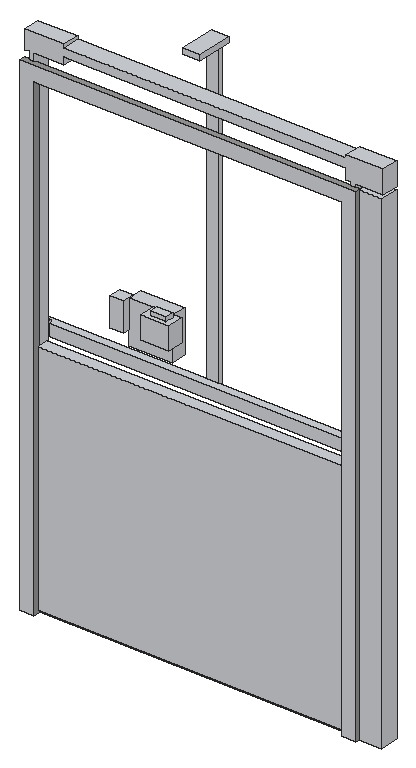
Revit family "Mark IV Vertical (Power)", category Doors, host Wall, Revit 2015
Parameters
  Width Clearance = WIC + 1' 2"  # 11' - 4"
  Width = 9' - 0"
  WIC = Width + 1' 2"  # 10' - 2"
  URL = "http://jamisondoor.com/product-families/cold-storage-doors/products/mark-iv-doors/vertical-sliding-manually-operated-door/"
  Type Comments = "Door can be 4\" or 6\" thick"
  Track Backing = 0' - 5"
  Motor Power = 460 V
  Model = "Mark IV Vertical (Manual)"
  Min Head Room = Height * 2 + 1' 7 1/2"  # 15' - 7 1/2"
  Manufacturer = "Jamison Door"
  Load Classification = Motor
  Load = 750 VA
  Height = 7' - 0"
  Frame Projection Ext. = 0' - 1"
  Frame Projection Int. = 0' - 1"
  Frame Width = 0' - 3"
  Wall Closure = By host
  Door Height Clearance = Height  # 7' - 0"
  Clearance Zone = no
  Bracket Height = Height + 10' 2"  # 17' - 2"
Reference planes (in)
  plane 1 "Center (Front/Back)": y = 0
  plane 2 "Center (Left/Right)": x = 0
  plane 3 "Left": x = -54
  plane 4 "Right": x = 54
  plane 5 "Top": z = 84
  plane 6 "Exterior": y = 3
  plane 7 "Interior": y = -3
  plane 8: z = 17.5
  plane 9: z = 0
  plane 10: x = 150
  plane 11: z = 216
  plane 12: x = -120
  plane 13: x = 61
  plane 14: x = -61
  plane 15: z = 1
  plane 16: z = 194
  plane 17: z = 174
  plane 18: z = 182
  plane 19: z = 168
  plane 20: z = 173
  plane 21: z = 179.75
  plane 22: x = 0
  plane 23: z = 195.75
  plane 24: x = 62
  plane 25: x = -62
  plane 26: y = 46.61315
Forms (in)
  Extrusion 1, solid
    sketch origin (0, 0, 0) x (1, 0, 0) y (0, 0, 1)
      loop
        line (54, 0) -> (59, 0) -> (59, 173) -> (-59, 173) -> (-59, 0) -> (-54, 0) -> (-54, 168) -> (54, 168) -> (54, 0)
    from -3.5 to -1.5
  Extrusion 2, solid
    sketch origin (0, 0, 0) x (1, 0, 0) y (0, 0, 1)
      loop
        line (54, 1) -> (54, 84) -> (-54, 84) -> (-54, 1) -> (54, 1)
    from -3 to -7
  Extrusion 3, solid
    sketch origin (0, 0, 0) x (1, 0, 0) y (0, 0, 1)
      loop
        line (54, 0) -> (54, 1) -> (-54, 1) -> (-54, 0) -> (54, 0)
    from -7 to -4
  Extrusion 4, solid
    sketch origin (0, 0, 0) x (1, 0, 0) y (0, 0, 1)
      loop
        line (57.25, 17.5) -> (57.25, 174) -> (67, 174) -> (67, 182) -> (54, 182) -> (54, 181) -> (-45, 181) -> (-45, 182) -> (-59, 182) -> (-59, 175.5) -> (-57.25, 175.5) -> (-57.25, 17.5) -> (-55.75, 17.5) -> (-55.75, 175.5) -> (-45, 175.5) -> (-45, 178) -> (54, 178) -> (54, 174) -> (55.75, 174) -> (55.75, 17.5) -> (57.25, 17.5)
    from -9.5 to -3.5
  Extrusion 5, solid
    sketch origin (0, 0, 0) x (1, 0, 0) y (0, 0, 1)
      loop
        line (59, 0) -> (67, 0) -> (67, 173) -> (59, 173) -> (59, 0)
    from -9.5 to -3
  Extrusion 6, solid
    sketch origin (0, 0, 0) x (1, 0, 0) y (0, 0, 1)
      loop
        line (57.25, 84) -> (57.25, 88) -> (-57.25, 88) -> (-57.25, 84) -> (57.25, 84)
    from -12.5 to -9.5
  Extrusion 7, solid
    sketch origin (0, 0, 0) x (1, 0, 0) y (0, 0, 1)
      loop
        line (2, 84) -> (2, 194) -> (-2, 194) -> (-2, 84) -> (2, 84)
    from -14 to -12.5
  Extrusion 8, solid
    sketch origin (0, 0, 0) x (1, 0, 0) y (0, 0, 1)
      loop
        line (57.76863, 88.6959) -> (55.26863, 88.6959) -> (55.26863, 84) -> (57.76863, 84) -> (57.76863, 88.6959)
      loop
        line (-57.76863, 88.6959) -> (-57.76863, 84) -> (-55.26863, 84) -> (-55.26863, 88.6959) -> (-57.76863, 88.6959)
    from -10.29812 to -9.5
  Extrusion 9, solid
    sketch origin (0, 0, 0) x (1, 0, 0) y (0, 0, 1)
      loop
        line (3, 195.75) -> (-3, 195.75) -> (-3, 194) -> (3, 194) -> (3, 195.75)
    from -15.863 to -3
  Extrusion 10, solid
    sketch origin (-94.56501, 35.20761, 31.79453) x (1, 0, 0) y (0, 0, 1)
      loop
        line (56.52379, 64.19785) -> (56.52379, 49.14365) -> (71.76254, 49.14365) -> (71.76254, 64.19785) -> (56.52379, 64.19785)
    from 6.59446 to 12
  Extrusion 11, solid
    sketch origin (32.75283, 244.19289, -65.0538) x (0, 1, 0) y (0, 0, -1)
      loop
        line (-218.96765, -161.04618) -> (-218.96765, -151.04618) -> (-223.28093, -151.04618) -> (-223.28093, -161.04618) -> (-218.96765, -161.04618)
    from 70.79405 to 75.52634
  Extrusion 12, solid
    sketch origin (39.66498, 244.19289, -65.1163) x (0, 1, 0) y (0, 0, -1)
      loop
        line (-223.06114, -163.17267) -> (-223.06114, -161.4456)
        arc (-223.06114, -161.4456) -> (-224.43521, -161.86078) -> (-225.81114, -161.45178) r 2.5
        line (-225.81114, -161.45178) -> (-225.81114, -163.17267) -> (-223.06114, -163.17267)
    from 60.76563 to 66.16425
  Extrusion 13, solid
    sketch origin (-94.56501, 244.19289, -65.0538) x (1, 0, 0) y (0, 1, 0)
      loop
        line (65.71436, -221.67021) -> (65.71436, -227.19289) -> (75.56574, -227.19289) -> (75.56574, -221.67021) -> (65.71436, -221.67021)
    from 153.82498 to 161.78911
  Extrusion 14, solid, not visible
    sketch origin (-374.60248, -208.98528, 78.0309) x (1, 0, 0) y (0, 0, 1)
      loop
        line (56.52379, 64.19785) -> (56.52379, 49.14365) -> (71.76254, 49.14365) -> (71.76254, 64.19785) -> (56.52379, 64.19785)
    from 6.59446 to 12
  Extrusion 15, solid, not visible
    sketch origin (-247.28465, 0, -18.81743) x (0, 1, 0) y (0, 0, -1)
      loop
        line (-218.96765, -161.04618) -> (-218.96765, -151.04618) -> (-223.28093, -151.04618) -> (-223.28093, -161.04618) -> (-218.96765, -161.04618)
    from 70.79405 to 75.52634
  Extrusion 16, solid, not visible
    sketch origin (-240.37249, 0, -18.87993) x (0, 1, 0) y (0, 0, -1)
      loop
        line (-223.06114, -163.17267) -> (-223.06114, -161.4456)
        arc (-223.06114, -161.4456) -> (-224.43521, -161.86078) -> (-225.81114, -161.45178) r 2.5
        line (-225.81114, -161.45178) -> (-225.81114, -163.17267) -> (-223.06114, -163.17267)
    from 60.76563 to 66.16425
  Extrusion 17, solid, not visible
    sketch origin (-374.60248, 0, -18.81743) x (1, 0, 0) y (0, 1, 0)
      loop
        line (65.71436, -221.67021) -> (65.71436, -227.19289) -> (75.56574, -227.19289) -> (75.56574, -221.67021) -> (65.71436, -221.67021)
    from 153.82498 to 161.78911
  Extrusion 18, solid, material "Clearance Zone", visible <- "Clearance Zone", detail levels fine
    sketch origin (0, 0, 0) x (0, 1, 0) y (0, 0, 1)
      loop
        line (46.61315, 95.99238) -> (28.61315, 95.99238) -> (28.61315, 80.93818) -> (46.61315, 80.93818) -> (46.61315, 95.99238)
    from -38.04122 to -22.80247
Lines and regions (in)
  Opening 1
    outline origin (-90, -3, 0) x (1, 0, 0) y (0, 0, 1)
      loop
        line (36, 0) -> (144, 0) -> (144, 84) -> (36, 84) -> (36, 0)
  model lines, style "Clearance Zone"
    curve 1: line (-44.04122, 46.61315, 0) -> (-28.80247, 46.61315, 0)
    curve 2: line (-44.04122, 28.61315, 0) -> (-44.04122, 46.61315, 0)
    curve 3: line (-28.80247, 28.61315, 0) -> (-44.04122, 28.61315, 0)
    curve 4: line (-28.80247, 46.61315, 0) -> (-28.80247, 28.61315, 0)
Text (in)
  text "Exterior" at (-111.00247, 29.70452, 0), in view "Ref. Level"
  text "Interior" at (-74.96733, -25.14366, 0), in view "Ref. Level"
  text "Exterior" at (0, 40.15149, 123.01588), in view "Right"
  text "Interior" at (0, -64.39139, 123.01588), in view "Right"
  text "Interior" at (0, -31.01599, 123.00693), in view "Left"
  text "Exterior" at (0, 54.57065, 123.00693), in view "Left"
Dimensions and locks (in)
  equal spacing: plane 3 "Left", plane 2 "Center (Left/Right)", plane 4 "Right"
  "Height": level to plane 5 "Top"
  "Width": plane 3 "Left" to plane 4 "Right"
  host wall to plane 5 "Top" = 7' - 0"
  locked: level to plane 8 at 17.5
  "WIC": plane 14 to plane 13
  equal spacing: plane 13, plane 2 "Center (Left/Right)", plane 14
  "Track Backing": Extrusion 1 to Extrusion 1  (x2)
  locked: level to plane 15 at 1
  locked: Extrusion 2 to Extrusion 6 sketch curve at 4
  "Door Height Clearance": plane 5 "Top" to plane 19
  locked: plane 19 to plane 20 at 5
  locked: plane 20 to plane 17 at 1
  locked: plane 17 to plane 16 at 20
  locked: Extrusion 5 sketch curve to Extrusion 1 at 8
  locked: plane 17 to plane 18 at 8
  locked: plane 17 to plane 21 at 5.75
  plane 21 to plane 16 = 1' - 2 1/4"
  locked: plane 16 to plane 23 at 1.75
  level to nested 1 = 0' - 11"
  equal spacing: plane 13, nested 1, plane 14
  plane 26 to Extrusion 10 = 1' - 6"
  locked: plane 2 "Center (Left/Right)" to Extrusion 13 at 18.99927
  locked: plane 5 "Top" to Extrusion 10 at 11.99238
  aligned and locked: plane 3 "Left" to Opening 1 sketch curve
  aligned and locked: plane 5 "Top" to Opening 1 sketch curve  (x2)
  aligned and locked: Opening 1 sketch curve to plane 4 "Right"
  aligned and locked: Opening 1 sketch curve to level
  aligned and locked: plane 6 "Exterior" to host wall
  aligned and locked: host wall to plane 7 "Interior"
  aligned and locked: host sketch curve to plane 12
  aligned and locked: host sketch curve to plane 9
  aligned and locked: host sketch curve to plane 10
  aligned and locked: host sketch curve to plane 11
  aligned and locked: plane 4 "Right" to Extrusion 2 sketch curve
  aligned and locked: Extrusion 2 sketch curve to host wall
  aligned and locked: host wall to Extrusion 2 sketch curve
  aligned and locked: Extrusion 2 to plane 15
  aligned and locked: Extrusion 3 sketch curve to host wall
  aligned and locked: host wall to Extrusion 3 sketch curve
  aligned and locked: Extrusion 3 sketch curve to Extrusion 2  (x2)
  aligned and locked: Extrusion 4 to plane 8  (x2)
  aligned and locked: Extrusion 1 to level  (x2)
  aligned and locked: Extrusion 1 to Extrusion 5 sketch curve
  aligned and locked: Extrusion 5 sketch curve to Extrusion 1
  aligned and locked: Extrusion 3 to Extrusion 2
  aligned and locked: plane 5 "Top" to Extrusion 6 sketch curve
  aligned and locked: Extrusion 6 to Extrusion 4
  aligned and locked: Extrusion 6 sketch curve to Extrusion 4
  aligned and locked: Extrusion 4 to Extrusion 6 sketch curve
  aligned and locked: Extrusion 7 to Extrusion 6
  aligned and locked: plane 5 "Top" to Extrusion 8  (x2)
  aligned and locked: Extrusion 7 sketch curve to plane 16
  aligned and locked: Extrusion 6 to Extrusion 7 sketch curve
  aligned and locked: plane 19 to Extrusion 1  (x2)
  aligned and locked: plane 20 to Extrusion 1
  aligned and locked: plane 19 to Extrusion 1 sketch curve
  aligned and locked: plane 20 to Extrusion 1 sketch curve
  aligned and locked: Extrusion 1 to plane 20
  aligned and locked: Extrusion 4 to plane 17
  aligned and locked: plane 16 to Extrusion 7
  aligned and locked: Extrusion 5 to plane 20
  aligned and locked: Extrusion 9 to plane 16
  aligned and locked: Extrusion 4 sketch curve to Extrusion 4 sketch curve
  aligned and locked: Extrusion 18 sketch curve to Extrusion 10
  aligned and locked: Extrusion 18 to Extrusion 10
  aligned and locked: curve 1 to Extrusion 18
Automatic sketch dimensions
  Extrusion 1 sketch curve to level = 0' - 0"  (x2)
  plane 3 "Left" to Extrusion 1 sketch curve = 0' - 0"
  Extrusion 1 sketch curve to plane 4 "Right" = 0' - 0"
  Extrusion 1 sketch curve to plane 13 = 0' - 2"
  Extrusion 2 sketch curve to plane 15 = 0' - 0"
  Extrusion 5 sketch curve to plane 20 = 0' - 0"
  Extrusion 7 sketch curve to plane 2 "Center (Left/Right)" = 0' - 2"
  plane 2 "Center (Left/Right)" to Extrusion 7 sketch curve = 0' - 2"
  Extrusion 8 sketch curve to plane 5 "Top" = 0' - 0"  (x2)
  plane 3 "Left" to Extrusion 8 sketch curve = 0' - 1.26863"
  Extrusion 8 sketch curve to plane 4 "Right" = 0' - 1.26863"
  Extrusion 8 sketch curve to Extrusion 8 sketch curve = 0' - 2 1/2"  (x2)
  Extrusion 8 sketch curve to plane 5 "Top" = 0' - 4.6959"  (x2)
  plane 14 to Extrusion 1 sketch curve = 0' - 2"
  plane 21 to Extrusion 9 sketch curve = 1' - 2 1/4"
  Extrusion 9 sketch curve to plane 2 "Center (Left/Right)" = 0' - 3"
  plane 2 "Center (Left/Right)" to Extrusion 9 sketch curve = 0' - 3"
  plane 16 to Extrusion 9 sketch curve = 0' - 1 3/4"
  Extrusion 4 sketch curve to plane 18 = 0' - 0"  (x2)
  Extrusion 4 sketch curve to plane 8 = 0' - 0"  (x2)
  Extrusion 4 sketch curve to plane 4 "Right" = 0' - 0"  (x2)
  Extrusion 4 sketch curve to plane 17 = 0' - 0"  (x2)
  Extrusion 4 sketch curve to plane 3 "Left" = 0' - 9"
  Extrusion 4 sketch curve to plane 17 = 0' - 1 1/2"
  Extrusion 4 sketch curve to Extrusion 4 sketch curve = 0' - 0"
  plane 3 "Left" to Extrusion 4 sketch curve = 0' - 1 3/4"
  Extrusion 4 sketch curve to Extrusion 4 sketch curve = 0' - 1 1/2"  (x2)
  plane 14 to Extrusion 4 sketch curve = 0' - 2"
  Extrusion 4 sketch curve to Extrusion 4 sketch curve = 0' - 1 3/4"
  plane 13 to Extrusion 4 sketch curve = 0' - 6"
  Extrusion 4 sketch curve to plane 21 = 0' - 1 3/4"
  Extrusion 4 sketch curve to Extrusion 4 sketch curve = 0' - 1"
  Extrusion 10 sketch curve to Extrusion 10 sketch curve = 1' - 3.23875"
  Extrusion 10 sketch curve to Extrusion 10 sketch curve = 1' - 3.0542"
  Extrusion 11 sketch curve to Extrusion 11 sketch curve = 0' - 4.31327"
  Extrusion 11 sketch curve to Extrusion 11 sketch curve = 0' - 10"
  Extrusion 12 sketch curve to Extrusion 12 sketch curve = 0' - 1.37031"
  Extrusion 12 sketch curve to Extrusion 12 sketch curve = 0' - 1.37969"
  Extrusion 12 sketch curve to Extrusion 12 sketch curve = 0' - 1.72089"
  Extrusion 12 sketch curve to Extrusion 12 sketch curve = 0' - 1.72707"
  Extrusion 13 sketch curve to Extrusion 13 sketch curve = 0' - 9.85138"
  Extrusion 13 sketch curve to Extrusion 13 sketch curve = 0' - 5.52268"
  Extrusion 14 sketch curve to Extrusion 14 sketch curve = 1' - 3.23875"
  Extrusion 14 sketch curve to Extrusion 14 sketch curve = 1' - 3.0542"
  Extrusion 15 sketch curve to Extrusion 15 sketch curve = 0' - 4.31327"
  Extrusion 15 sketch curve to Extrusion 15 sketch curve = 0' - 10"
  Extrusion 16 sketch curve to Extrusion 16 sketch curve = 0' - 1.37031"
  Extrusion 16 sketch curve to Extrusion 16 sketch curve = 0' - 1.37969"
  Extrusion 16 sketch curve to Extrusion 16 sketch curve = 0' - 1.72089"
  Extrusion 16 sketch curve to Extrusion 16 sketch curve = 0' - 1.72707"
  Extrusion 17 sketch curve to Extrusion 17 sketch curve = 0' - 9.85138"
  Extrusion 17 sketch curve to Extrusion 17 sketch curve = 0' - 5.52268"
  Extrusion 18 sketch curve to Extrusion 18 sketch curve = 1' - 6"
  curve 3 to plane 26 = 1' - 6"
  Extrusion 18 sketch curve to plane 26 = 1' - 6"
  curve 3 to plane 3 "Left" = 0' - 9.95878"
  curve 2 to curve 3 = 1' - 3.23875"
  plane 15 to Extrusion 18 sketch curve = 6' - 7.93818"
Nested families (in)
  nested 1: "Handle" at (0, 7, 11) x (0, 0, -1) z (0, 1, 0), type "Handle", detail levels fine
Connectors (in)
  electrical at (-42.77352, 23.0686, 90.99238), driven by "Motor Power", driven by "Load"
    settings: on Extrusion 11, index 1, voltage 460 V, apparent load 750 VA, apparent load phase1 750 VA, apparent load phase2 0 VA, apparent load phase3 0 VA, power factor 1, load classification "Motor", number of poles 3, system type 30, power factor state 1, is connector primary yes, connector utility no, sub classification motor no, connector description ""
Definition of nested family "Handle"
  Parameters
    Default Elevation = 4' - 0"
  Reference planes (in)
    plane 1 "Center (Front/Back)": y = 0
    plane 2: z = 0
    plane 3 "Center (Left/Right)": x = 0
  Forms (in)
    Extrusion 1, solid
      sketch origin (0, 0, 0) x (1, 0, 0) y (0, 1, 0)
        loop
          line (-48, 48) -> (-48, -48) -> (48, -48) -> (48, 48) -> (-48, 48)
      from 0 to -12
    Extrusion 2, solid
      sketch origin (0, 0, 0) x (0, 1, 0) y (0, 0, 1)
        loop
          line (-3.80932, 0) -> (-2.36661, 0) -> (-2.36661, 0.29687)
          arc (-2.36661, 0.29687) -> (-2.22902, 1.02391) -> (-1.82375, 1.64299) r 1.89692
          line (-1.82375, 1.64299) -> (0, 1.64299) -> (1.82375, 1.64299)
          arc (1.82375, 1.64299) -> (2.22902, 1.02391) -> (2.36661, 0.29687) r 1.89692
          line (2.36661, 0.29687) -> (2.36661, 0) -> (3.80932, 0) -> (3.80932, 0.29687) -> (2.81019, 0.29687)
          arc (2.81019, 0.29687) -> (2.5914, 1.27762) -> (1.96409, 2.06262) r 2.22895
          line (1.96409, 2.06262) -> (0, 2.06262) -> (-1.96409, 2.06262)
          arc (-1.96409, 2.06262) -> (-2.5914, 1.27762) -> (-2.81019, 0.29687) r 2.22895
          line (-2.81019, 0.29687) -> (-3.80932, 0.29687) -> (-3.80932, 0)
      from -3.09244 to 4.26058
    Extrusion 3, void
      sketch origin (0, 0, 0) x (1, 0, 0) y (0, 1, 0)
        loop
          line (-0.5, 1.7903) -> (-0.5, 0.82375) -> (-0.60688, 0.82375) -> (-0.60688, -0.7903) -> (-0.5, -0.7903) -> (-0.5, -1.7903)
          arc (-0.5, -1.7903) -> (-0.6574, -2.48734) -> (-1.09906, -3.0491) r 1.62209
          arc (-1.09906, -3.0491) -> (0.009, -3.85787) -> (1.1397, -3.08107) r 1.18676
          arc (1.1397, -3.08107) -> (0.6687, -2.51059) -> (0.5, -1.7903) r 1.62209
          line (0.5, -1.7903) -> (0.5, -0.7903) -> (0.60688, -0.7903) -> (0.60688, 0.82375) -> (0.5, 0.82375) -> (0.5, 1.7903)
          arc (0.5, 1.7903) -> (0.6687, 2.51059) -> (1.1397, 3.08107) r 1.62209
          arc (1.1397, 3.08107) -> (0.009, 3.85787) -> (-1.09906, 3.0491) r 1.18676
          arc (-1.09906, 3.0491) -> (-0.6574, 2.48734) -> (-0.5, 1.7903) r 1.62209
        loop
          line (-3.20398, 4.60753) -> (-3.20398, -4.64247) -> (5.04602, -4.64247) -> (5.04602, 4.60753) -> (-3.20398, 4.60753)
      from 0 to 3.13683
  Cuts and joins
    Extrusion 3 cuts Extrusion 2
  Dimensions and locks (in)
    aligned and locked: plane 2 to Extrusion 1
    aligned and locked: level to Extrusion 1
